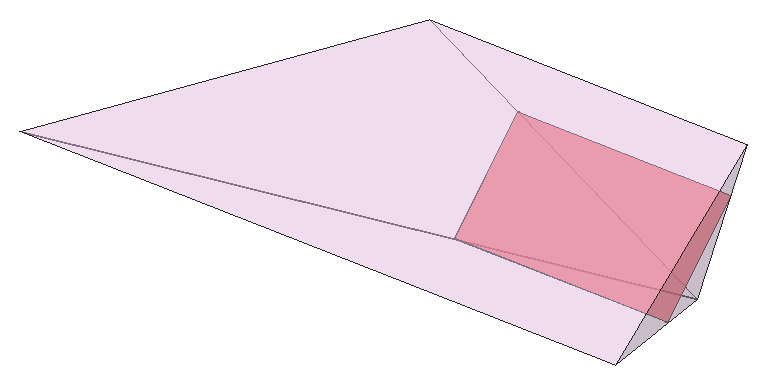
Revit family "Camera-Security-Panasonic-FullHD_Rugged_Mobile_Network-SBV131M_111MX", category Security Devices, host Face, Revit 2013
Parameters (values of type "Camera-Security-Panasonic-ViewVolumePTYZ")
  z Yaw Actual [instance] = if(Yaw < 0.00°, 360.00° - (abs(Yaw) - rounddown(abs(Yaw) / 360.00°) * 360.00°), Yaw - rounddown(Yaw / 360.00°) * 360.00°)  # 0.00°
  z Void Width [instance] = if(z Screen Width > z Screen Height, z Screen Width, z Screen Height) + abs(Viewpoint Origin Horizontal Offset) + z Void Thickness * 2  # 52447.005 mm
  z Void Thickness [instance] = z Screen Depth * 2 + abs(Base Height Offset)  # 20450 mm
  z Void Height Start [instance] = -z Void Width / 2  # -26223.503 mm
  z Void Height End [instance] = z Void Width / 2  # 26223.503 mm
  z Void Direction [instance] = if((if(On Wall, 1, 0) + if(On Floor, 1, 0) + if(On Ceiling, 1, 0)) = 1, if(On Ceiling, 0, if(On Wall, 1, 2)), On Default Mount Type)  # 0
  z Viewpoint Depth [instance] = if(Viewpoint Depth < 1 mm, 1 mm, Viewpoint Depth)  # 150 mm
  z Tilt Actual [instance] = if(Tilt < 0.00°, 360.00° - (abs(Tilt) - rounddown(abs(Tilt) / 360.00°) * 360.00°), Tilt - rounddown(Tilt / 360.00°) * 360.00°)  # 45.00°
  z Target Visible [instance] = not(Screen Depth < Target Depth)  # yes
  z Target Thickness Start = -z Target Thickness / 2  # -1 mm
  z Target Thickness End = z Target Thickness / 2  # 1 mm
  z Target Depth [instance] = Target Depth + Viewpoint Depth  # 2150 mm
  z Pan Actual [instance] = if(Pan < 0.00°, 360.00° - (abs(Pan) - rounddown(abs(Pan) / 360.00°) * 360.00°), Pan - rounddown(Pan / 360.00°) * 360.00°)  # 0.00°
  z Floor Distance [instance] = if(z Void Direction = 2, if(Floor Distance < 0 mm, 0 mm, Floor Distance), if(Floor Distance < 10 mm, 10 mm, Floor Distance))  # 3000 mm
  z Const Yaw Base2 Length = 440 mm  # constant formula
  z Const Tilt Base2 Length = 500 mm  # constant formula
  z Ceiling Distance [instance] = if(z Void Direction = 2, if(Ceiling Distance < 10 mm, 10 mm, Ceiling Distance), if(Ceiling Distance < 0 mm, 0 mm, Ceiling Distance))  # 0 mm
  z Const Void Handle Length = 600 mm  # constant formula
  z Void Angle [instance] = if(z Void Direction = 0, 0.00° + Base Angle Offset, if(z Void Direction = 1, 90.00° + Base Angle Offset, 180.00° + Base Angle Offset))  # 0.00°
  z Screen Depth [instance] = if(Screen Depth < 100 mm, 100 mm + Viewpoint Depth, Screen Depth + Viewpoint Depth)  # 10150 mm
  Original Creation Date = "September, 15, 2016"  # constant formula
  On Default Mount Type [instance] = 0
  Manufacturer = "Panasonic"  # constant formula
  Family Version = "1.0.1"  # constant formula
  Date Last Modified = "February, 15, 2017"  # constant formula
  Copyright = "Copyright © Panasonic"  # constant formula
  Base Height Offset [instance] = 150 mm
  Base Angle Offset [instance] = 0.00°
  z Viewpoint Width = 1 mm  # constant formula
  z Viewpoint Height = 1 mm  # constant formula
  VFOV [instance] = 33.75°
  z Target Width [instance] = Target Depth * tan(HFOV / 2) * 2  # 2309.401 mm
  z Target Thickness = 2 mm  # constant formula
  z Target Height [instance] = Target Depth * tan(VFOV / 2) * 2  # 1213.387 mm
  Target Depth [instance] = 2000 mm
  z Screen Width [instance] = (z Screen Depth - Viewpoint Depth) * tan(HFOV / 2) * 2  # 11547.005 mm
  z Screen Height [instance] = (z Screen Depth - Viewpoint Depth) * tan(VFOV / 2) * 2  # 6066.934 mm
  Screen Depth [instance] = 10000 mm
  z Const Yaw Handle Length = 235 mm  # constant formula
  z Const Yaw Base Length = 260 mm  # constant formula
  Viewpoint Depth [instance] = 150 mm
  Viewpoint Origin Horizontal Offset [instance] = 0 mm
  z Const Tilt Handle Length = 360 mm  # constant formula
  z Const Tilt Base Length = 250 mm  # constant formula
  z Const Pan Handle Length = 500 mm  # constant formula
  z Const Pan Axis Length = 400 mm  # constant formula
  On Wall [instance] = no
  On Floor [instance] = no
  On Ceiling [instance] = yes
  HFOV [instance] = 60.00°
  Yaw [instance] = 0.00°
  Tilt [instance] = 45.00°
  Pan [instance] = 0.00°
  Floor Distance [instance] = 3000 mm
  Ceiling Distance [instance] = 0 mm
Reference planes
  plane 1 "Center (Front/Back)": y = 0
  plane 2: z = 0
  plane 3 "Center (Left/Right)": x = 0
  plane 4 "VoidOffsetBase": z = -150
Forms (mm)
  Extrusion 1, void
    sketch origin (0, 0, -150) x (0, 0, 1) y (0, -1, 0)
      loop
        line (23450, 26223.503) -> (3000, 26223.503) -> (3000, -26223.503) -> (23450, -26223.503) -> (23450, 26223.503)
      loop
        line (0, 26223.503) -> (-20450, 26223.503) -> (-20450, -26223.503) -> (0, -26223.503) -> (0, 26223.503)
    from -26223.503 <- "z Void Height Start" to 26223.503 <- "z Void Height End"
  Blend 2, solid, material "Panasonic - ViewVolume"
    base sketch origin (0, -106.066, 106.066) x (0, 0.707107, 0.707107) y (-1, 0, 0)
      loop
        line (-0.5, -0.5) -> (0.5, -0.5) -> (0.5, 0.5) -> (-0.5, 0.5) -> (-0.5, -0.5)
    top sketch origin (0, -7177.134, 7177.134) x (0, 0.707107, 0.707107) y (-1, 0, 0)
      loop
        line (-3033.467, -5773.503) -> (3033.467, -5773.503) -> (3033.467, 5773.503) -> (-3033.467, 5773.503) -> (-3033.467, -5773.503)
    from 0 to 0
  Extrusion 3, solid, material "Panasonic - Target", visible <- "z Target Visible"
    sketch origin (0, -1520.28, 1520.28) x (0, 0.707107, 0.707107) y (-1, 0, 0)
      loop
        line (-606.693, -1154.701) -> (606.693, -1154.701) -> (606.693, 1154.701) -> (-606.693, 1154.701) -> (-606.693, -1154.701)
    from -1 <- "z Target Thickness Start" to 1 <- "z Target Thickness End"
Cuts and joins
  Extrusion 1 cuts Blend 2
  Extrusion 1 cuts Extrusion 3
Lines and regions (mm)
  reference lines
    curve 1: line (0, 0, 0) -> (500, 0, 0)
    curve 2: line (0, 0, -400) -> (0, 0, 0)
    curve 3: line (0, 0, 0) -> (0, -250, 0)
    curve 4: line (0, 0, 0) -> (0, 0, 500)
    curve 5: line (0, -254.558, 254.558) -> (0, 0, 0)
    curve 6: line (0, 0, 0) -> (0, 183.848, 183.848)
    curve 7: line (0, 0, 0) -> (-440, 0, 0)
    curve 8: line (0, 0, 0) -> (-235, 0, 0)
    curve 9: line (0, -106.066, 106.066) -> (0, 0, 0)
    curve 10: line (0, 0, 0) -> (0, -1520.28, 1520.28)
    curve 11: line (0, 0, 0) -> (0, -7177.134, 7177.134)
    curve 12: line (-0.5, -105.712, 106.42) -> (0.5, -105.712, 106.42)
    curve 13: line (-0.5, -106.42, 105.712) -> (0.5, -106.42, 105.712)
    curve 14: line (-0.5, -105.712, 106.42) -> (-0.5, -106.42, 105.712)
    curve 15: line (0.5, -105.712, 106.42) -> (0.5, -106.42, 105.712)
    curve 16: line (-1154.701, -1091.283, 1949.277) -> (1154.701, -1091.283, 1949.277)
    curve 17: line (-1154.701, -1949.277, 1091.283) -> (1154.701, -1949.277, 1091.283)
    curve 18: line (-1154.701, -1091.283, 1949.277) -> (-1154.701, -1949.277, 1091.283)
    curve 19: line (1154.701, -1091.283, 1949.277) -> (1154.701, -1949.277, 1091.283)
    curve 20: line (-5773.503, -5032.149, 9322.119) -> (-5773.503, -9322.119, 5032.149)
    curve 21: line (5773.503, -5032.149, 9322.119) -> (5773.503, -9322.119, 5032.149)
    curve 22: line (-5773.503, -5032.149, 9322.119) -> (5773.503, -5032.149, 9322.119)
    curve 23: line (-5773.503, -9322.119, 5032.149) -> (5773.503, -9322.119, 5032.149)
    curve 24: line (0, 0, -150) -> (0, 0, 450)
    curve 25: line (0, -26223.503, 23300) -> (0, 26223.503, 23300)
    curve 26: line (0, -26223.503, 2850) -> (0, -26223.503, 23300)
    curve 27: line (0, 26223.503, 2850) -> (0, -26223.503, 2850)
    curve 28: line (0, 26223.503, 23300) -> (0, 26223.503, 2850)
    curve 29: line (0, -26223.503, -150) -> (0, 26223.503, -150)
    curve 30: line (0, -26223.503, -20600) -> (0, -26223.503, -150)
    curve 31: line (0, 26223.503, -20600) -> (0, -26223.503, -20600)
    curve 32: line (0, 26223.503, -150) -> (0, 26223.503, -20600)
Dimensions and locks
  "z Const Pan Handle Length": curve 1 to curve 1
  "z Const Pan Axis Length": curve 2 to curve 2
  "z Const Tilt Base Length": curve 3 to curve 3
  "z Const Pan Axis Length": curve 1 to curve 2
  "Viewpoint Origin Horizontal Offset": curve 4 to curve 2
  "z Const Tilt Base2 Length": curve 4 to curve 4
  "z Const Tilt Handle Length": curve 5 to curve 5
  "z Const Yaw Base Length": curve 6 to curve 6
  "z Const Yaw Base2 Length": curve 7 to curve 7
  "z Const Yaw Handle Length": curve 8 to curve 8
  "z Viewpoint Depth": curve 9 to curve 9
  "z Target Depth": curve 10 to curve 10
  "z Screen Depth": curve 11 to curve 11
  equal spacing: curve 13, curve 9, curve 12
  "z Viewpoint Height": curve 13 to curve 12
  equal spacing: curve 14, curve 9, curve 15
  "z Viewpoint Width": curve 14 to curve 15
  equal spacing: curve 17, curve 10, curve 16
  "z Target Height": curve 17 to curve 16
  equal spacing: curve 18, curve 10, curve 19
  "z Target Width": curve 18 to curve 19
  equal spacing: curve 20, curve 11, curve 21
  "z Screen Width": curve 20 to curve 21
  equal spacing: curve 23, curve 11, curve 22
  "z Screen Height": curve 23 to curve 22
  "z Const Void Handle Length": curve 24 to curve 24
  equal spacing: curve 26, curve 24, curve 28
  "z Void Width": curve 26 to curve 28
  "z Floor Distance": curve 27 to curve 24
  "z Ceiling Distance": curve 29 to curve 24
  "z Void Thickness": curve 31 to curve 29
  "z Void Thickness": curve 25 to curve 27
  "Base Height Offset": level to plane 4 "VoidOffsetBase"
  locked: curve 3 to curve 2 (angle 90.00°)
  locked: curve 3 to curve 4 (angle 90.00°)
  "z Tilt Actual": angle curve 4 to curve 5
  locked: curve 6 to curve 7 (angle 90.00°)
  locked: curve 6 to curve 5 (angle 90.00°)
  locked: curve 9 to curve 5 (angle 0.00°)
  locked: curve 10 to curve 5 (angle 0.00°)
  locked: curve 11 to curve 5 (angle 0.00°)
  "z Void Angle": angle plane 1 "Center (Front/Back)" to curve 24
  "z Yaw Actual": angle curve 7 to curve 8
  "z Pan Actual": angle plane 1 "Center (Front/Back)" to curve 1
  aligned and locked: level to plane 2
  aligned and locked: curve 2 to curve 1
  aligned and locked: curve 2 to curve 3
  aligned and locked: curve 3 to curve 2
  aligned and locked: curve 3 to curve 5
  aligned and locked: curve 6 to curve 7
  aligned and locked: curve 6 to curve 8
  aligned and locked: curve 8 to curve 7
  aligned and locked: curve 7 to curve 6
  aligned and locked: curve 5 to curve 11
  aligned and locked: curve 11 to curve 8
  aligned and locked: curve 12 to curve 15
  aligned and locked: curve 15 to curve 15
  aligned and locked: curve 14 to curve 14
  aligned and locked: curve 13 to curve 15
  aligned and locked: curve 16 to curve 19
  aligned and locked: curve 18 to curve 18
  aligned and locked: curve 17 to curve 19
  aligned and locked: curve 22 to curve 22
  aligned and locked: curve 21 to curve 23
  aligned and locked: curve 20 to curve 23
  aligned and locked: curve 23 to curve 23
  aligned and locked: plane 1 "Center (Front/Back)" to curve 24
  aligned and locked: curve 30 to curve 26
  aligned and locked: curve 28 to curve 32
  aligned and locked: Extrusion 1 sketch curve to curve 25
  aligned and locked: Extrusion 1 sketch curve to curve 26
  aligned and locked: Extrusion 1 sketch curve to curve 27
  aligned and locked: Extrusion 1 sketch curve to curve 28
  aligned and locked: Extrusion 1 sketch curve to curve 29
  aligned and locked: Extrusion 1 sketch curve to curve 30
  aligned and locked: Extrusion 1 sketch curve to curve 31
  aligned and locked: Extrusion 1 sketch curve to curve 32
  aligned and locked: Extrusion 1 sketch curve to Extrusion 1 sketch curve  (x8)
  aligned and locked: Blend 2 sketch curve to curve 15
  aligned and locked: Blend 2 sketch curve to curve 13
  aligned and locked: Blend 2 sketch curve to curve 14
  aligned and locked: Blend 2 sketch curve to curve 12
  aligned and locked: Blend 2 sketch curve to Blend 2 sketch curve  (x8)
  aligned and locked: Blend 2 sketch curve to curve 21
  aligned and locked: Blend 2 sketch curve to curve 23
  aligned and locked: Blend 2 sketch curve to curve 20
  aligned and locked: Blend 2 sketch curve to curve 22
  aligned and locked: Extrusion 3 sketch curve to curve 19
  aligned and locked: Extrusion 3 sketch curve to curve 17
  aligned and locked: Extrusion 3 sketch curve to curve 18
  aligned and locked: Extrusion 3 sketch curve to curve 16
  aligned and locked: Extrusion 3 sketch curve to Extrusion 3 sketch curve  (x4)
  aligned and locked: plane 3 "Center (Left/Right)" to curve 1
  aligned and locked: plane 1 "Center (Front/Back)" to curve 1
  aligned and locked: level to curve 2
  aligned and locked: plane 4 "VoidOffsetBase" to curve 24
Automatic sketch dimensions
  curve 6 to curve 5 = 0 mm
  curve 6 to curve 5 = 260 mm
Types in the file's own list only (2): name | z VV Viewpoint Depth Min | z VV Viewpoint Depth Max | z Const Yaw Handle Length | z Const Yaw Base2 Length | z Const Yaw Base Length | z Const Tilt Handle Length | z Const Tilt Base2 Length | z Const Tilt Base Length | z Const Pan Handle Length | z Camera Resolution Type | Yaw Min | Yaw Max | Width | Wide Dynamic Range | Water and Dust Resistance | Voltage DC | Vandal Resistant | VFOV Min 43 | VFOV Min 169 | VFOV Max 43 | VFOV Max 169 | URL | Tilting Range | Tilt Min | Tilt Max | Storage Temperature | Regulatory Compliance | Provide Feedback | Product Page URL | Product Material | Product Documentation Link | Power Active | Part Number | Part Description | Panning Range | Pan Min | Pan Max | Original Creation Date | Operational Temperature | Operational Humidity | Mounting Positions | Model Disclaimer | Model | Minimum Illumination | Indoor Or Outdoor | Impact Protection | IP Or Analog | Height | Has POE | HFOV Min 43 | HFOV Min 169 | HFOV Max 43 | HFOV Max 169 | Family Version | Equipment Abbreviation | Description | Depth | Default Elevation | Day Or Night | Date Last Modified | Communication Ports | Audio Out | Audio In | Angle Of View | Alarm Input Or Output Specification
  Full HD, WV-SBV131M | 0.000 " | 0.000 " | 9.252 " | 17.323 " | 10.236 " | 14.173 " | 19.685 " | 9.843 " | 27.559 " | 1 | -170.00° | 170.00° | 3.937 " | Yes | "IP66 (IEC60529), IP6K9K, Type 4X (UL50), NEMA 4X compliant" | 48 V | Yes | 79.00° | 73.00° | 79.00° | 73.00° | "http://security.panasonic.com/pss/security/" | "-90 to +90" | -90.00° | 90.00° | "-40°F - 149°F" | "UL60950-1, C-UL CAN/CSA C22.2 No.60950-1, CE, IEC60950-1 FCC Part15 ClassA, ICES003 ClassA, EN55022 ClassB, EN55024" | "https://www.surveymonkey.com/s/95FL6QY" | "http://security.panasonic.com/pss/security/products/hd/wv-sbv131M/index.html" | Paint - Panasonic - Sail White | "http://ssbu-t.psn-web.net/Products/IP_camera/WV-SFV781L/Specsheet/English/WV-SBV131M_111M-A4.pdf" | 3.8 W | "WV-SBV131M" | "Security Camera, Full HD, Rugged, Mobile, Network, SBV131M" | "-170 to +170" | -170.00° | 170.00° | "November, 30, 2015" | "-40°F - 140°F" | "10% to 90% (no condensation)" | "Surface Mount" | "Contact Panasonic for more information" | "WV-SBV131M" | 0 lx | "Outdoor" | "Compliant with IK10 (IEC 62262)" | "IP" | 3.150 " | Yes | 97.00° | 109.00° | 97.00° | 109.00° | "1.0.0" | "SC" | "Security Camera, Full HD, Rugged, Mobile, Network, SBV131M" | 6.339 " | 0.000 " | "Yes" | "January, 31, 2017" | "10Base-T / 100Base-TX, M12 connector (female)" | "No" | "No" | "97" | "No"
  HD, WV-SBV111M | 0.000 " | 0.000 " | 9.252 " | 17.323 " | 10.236 " | 14.173 " | 19.685 " | 9.843 " | 27.559 " | 2 | -170.00° | 170.00° | 3.937 " | Yes | "IP66 (IEC60529), IP6K9K, Type 4X (UL50), NEMA 4X compliant" | 48 V | Yes | 85.00° | 69.00° | 85.00° | 69.00° | "http://security.panasonic.com/pss/security/" | "-90 to +90" | -90.00° | 90.00° | "-40°F - 149°F" | "UL60950-1, C-UL CAN/CSA C22.2 No.60950-1, CE, IEC60950-1 FCC Part15 ClassA, ICES003 ClassA, EN55022 ClassB, EN55024" | "https://www.surveymonkey.com/s/95FL6QY" | "http://security.panasonic.com/pss/security/products/hd/wv-sbv111M/index.html" | Paint - Panasonic - Sail White | "http://ssbu-t.psn-web.net/Products/IP_camera/WV-SFV781L/Specsheet/English/WV-SBV131M_111M-A4.pdf" | 3.8 W | "WV-SBV111M" | "Security Camera, HD, Rugged, Mobile, Network, SBV111M" | "-170 to +170" | -170.00° | 170.00° | "November, 30, 2015" | "-40°F - 140°F" | "10% to 90% (no condensation)" | "Surface Mount" | "Contact Panasonic for more information" | "WV-SBV111M" | 0 lx | "Outdoor" | "Compliant with IK10 (IEC 62262)" | "IP" | 3.150 " | Yes | 104.00° | 104.00° | 104.00° | 104.00° | "1.0.0" | "SC" | "Security Camera, HD, Rugged, Mobile, Network, SBV111M" | 6.339 " | 0.000 " | "Yes" | "January, 31, 2017" | "10Base-T / 100Base-TX, M12 connector (female)" | "No" | "No" | "104" | "No"
